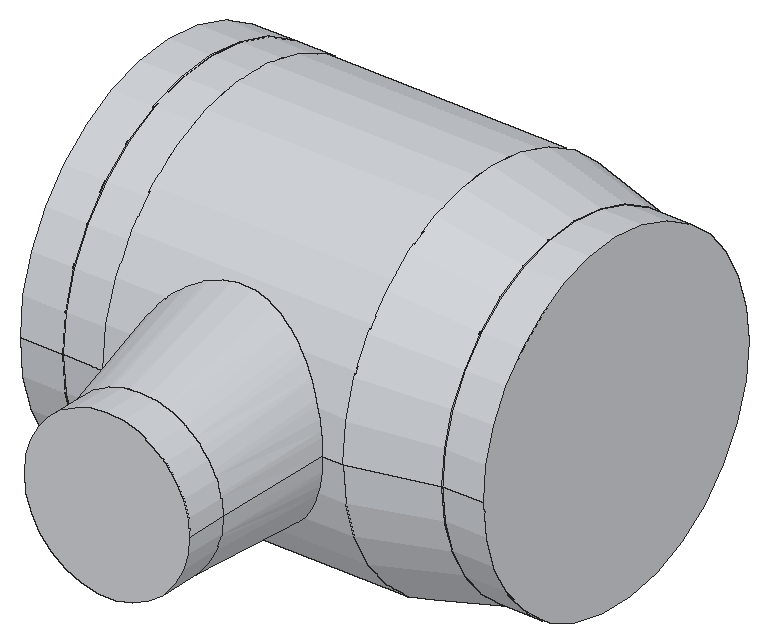
Revit family "M_T chanfrado redondo - DTL", category Conexões de duto, Revit 2019
Family settings
  Cota do conector redondo = Usar raio
  Tipo de parte = Tê
  Número OmniClass = 23.75.70.14
  Título OmniClass = Air Ductwork
  ID de item do Seek = Round Beveled Tee - DTL-0000-CAN-ENU
  Com base no plano de trabalho = Não
  Sempre na vertical = Sim
  Corte com vazios quando carregada = Não
  Compartilhado = Não
Parameters (values of type "Padrão")
  Legenda da inserção da torneira [instance] = 3048 mm + if(Ângulo da torneira 1 < 90.00°, Inserção da torneira 1, if(Ângulo da torneira 1 = 90.00°, Inserção da torneira 2, Inserção da torneira 3))  # 3138 mm
  Inserção da torneira 3 [instance] = if(Ângulo da torneira 1 > 90.00°, (Diâmetro da base da torneira 1 - Raio central da base da torneira) / sin(180.00° - Ângulo da torneira 1) + Raio do corpo 1 / tan(180.00° - Ângulo da torneira 1), 0 mm)  # 0 mm
  Inserção da torneira 2 [instance] = if(Ângulo da torneira 1 = 90.00°, Diâmetro da base da torneira 1 - Raio central da base da torneira, 0 mm)  # 90 mm
  Ângulo 1 [instance] = atan((Diâmetro central da base da torneira - Diâmetro da base da torneira 1) / (Comprimento da torneira 1 - Comprimento da torneira))  # 14.9314°
  Deslocamento de perfil horizontal da torneira [instance] = Raio central da base da torneira - Raio da torneira  # 50 mm
  Inserção da torneira 1 [instance] = if(Ângulo da torneira 1 < 90.00°, Diâmetro central da base da torneira / 2 * sin(Ângulo da torneira 1) + Diâmetro central da base da torneira / 2 * cos(Ângulo da torneira 1) / tan(Ângulo da torneira 1 - Ângulo 1) - Raio do corpo 1 / tan(Ângulo da torneira 1 - Ângulo 1), 0 mm)  # 0 mm
  Comprimento 1 [instance] = if(Ângulo da torneira 1 < 90.00°, Raio central da base da torneira / tan(Ângulo da torneira 1), if(Ângulo da torneira 1 = 90.00°, 0 mm, (Diâmetro da base da torneira - (Comprimento do ponto de inserção * sin(180.00° - Ângulo da torneira 1) + Raio da torneira)) / tan(180.00° - Ângulo da torneira 1)))  # 0 mm
  Comprimento da torneira 3 [instance] = Comprimento do corpo 1 + Inserção da torneira  # 125 mm
  Inserção da torneira [instance] = 25 mm
  Comprimento da torneira 2 [instance] = Comprimento da torneira 1 + Comprimento do colarinho da torneira  # 425 mm
  Diâmetro da torneira 3 [instance] = if(Ângulo da torneira 1 > 90.00°, 2 * (Diâmetro da base da torneira 1 / 2 + (Diâmetro da base da torneira 1 - Diâmetro da torneira) * Raio do corpo 1 / (2 * sin(180.00° - Ângulo da torneira 1) * Comprimento da torneira) + Diâmetro da base da torneira 1 * (Diâmetro da base da torneira 1 - Diâmetro da torneira) / (2 * tan(180.00° - Ângulo da torneira 1) * Comprimento da torneira)) / (1 + (Diâmetro da base da torneira 1 - Diâmetro da torneira) / (2 * tan(180.00° - Ângulo da torneira 1) * Comprimento da torneira)), 0 mm)  # 0 mm
  Diâmetro da torneira 2 [instance] = if(Ângulo da torneira 1 < 90.00°, 2 * (Diâmetro da base da torneira 1 / 2 + (Diâmetro da base da torneira 1 - Diâmetro da torneira) * Raio do corpo 1 / (2 * sin(Ângulo da torneira 1) * Comprimento da torneira)) / (1 - (Diâmetro da base da torneira 1 - Diâmetro da torneira) / (2 * tan(Ângulo da torneira 1) * Comprimento da torneira)), 0 mm)  # 0 mm
  Diâmetro da torneira 1 [instance] = if(Ângulo da torneira 1 = 90.00°, Raio do corpo 1 * tan(atan((Diâmetro da base da torneira 1 - Diâmetro da torneira) / Comprimento da torneira)) + Diâmetro da base da torneira 1, 0 mm)  # 300 mm
  Raio do corpo 1 [instance] = if(Entrada do raio > Saída do raio, if(not(Raio do corpo < Entrada do raio), Raio do corpo, Entrada do raio), if(not(Raio do corpo < Saída do raio), Raio do corpo, Saída do raio))  # 225 mm
  Raio da torneira [instance] = 100 mm
  Saída do raio [instance] = 200 mm
  Entrada do raio [instance] = 225 mm
  Deslocamento da torneira a partir do centro 2 [instance] = if(Deslocamento da torneira a partir do centro = 0 mm, 1 mm, 0 mm)  # 1 mm
  Deslocamento da torneira a partir do centro 1 [instance] = 3048 mm - Deslocamento da torneira a partir do centro  # 3048 mm
  Deslocamento da torneira a partir do centro [instance] = 0 mm
  Comprimento do corpo 2 [instance] = Saída do colarinho + Saída do comprimento 1  # 150 mm
  Saída do comprimento 1 [instance] = if(Saída do comprimento = 0 mm, 2 mm, Saída do comprimento)  # 100 mm
  Comprimento do corpo 1 [instance] = Entrada do colarinho + Entrada do comprimento 1  # 100 mm
  Entrada do comprimento 1 [instance] = if(Entrada do comprimento = 0 mm, 2 mm, Entrada do comprimento)  # 50 mm
  Saída do colarinho [instance] = 50 mm
  Saída do comprimento [instance] = 100 mm
  Entrada do colarinho [instance] = 50 mm
  Entrada do comprimento [instance] = 50 mm
  Comprimento da torneira 1 [instance] = Raio do corpo 1 / sin(Ângulo da torneira 1) + Comprimento da torneira + Comprimento 1  # 375 mm
  Comprimento da torneira [instance] = 150 mm
  Comprimento [instance] = 290 mm
  Diâmetro da torneira [instance] = Raio da torneira * 2  # 200 mm
  Saída do diâmetro [instance] = Saída do raio * 2  # 400 mm
  Entrada do diâmetro [instance] = Entrada do raio * 2  # 450 mm
  Comprimento do ponto de inserção [instance] = if(Ângulo da torneira 1 = 90.00°, Raio central da base da torneira - Raio da torneira, Deslocamento de perfil horizontal da torneira / sin(Ângulo da torneira 1))  # 50 mm
  Comprimento da linha grossa da torneira [instance] = if(Ângulo da torneira 1 = 90.00°, Comprimento da torneira 2, Comprimento da torneira 2 - Deslocamento de perfil horizontal da torneira / tan(Ângulo da torneira 1))  # 425 mm
  Comprimento do colarinho da torneira [instance] = 50 mm
  Raio da base da torneira 1 [instance] = if(Raio da base da torneira > Raio da torneira, Raio da base da torneira, Raio da torneira + 25 mm)  # 120 mm
  Raio do corpo [instance] = 225 mm
  Diâmetro do corpo [instance] = Raio do corpo * 2  # 450 mm
  Raio da base da torneira [instance] = 120 mm
  Diâmetro da base da torneira 1 [instance] = Raio da base da torneira 1 * 2  # 240 mm
  Diâmetro da base da torneira [instance] = Raio da base da torneira * 2  # 240 mm
  Raio central da base da torneira [instance] = Diâmetro central da base da torneira / 2  # 150 mm
  Diâmetro central da base da torneira [instance] = if(Ângulo da torneira 1 < 90.00°, abs(Diâmetro da torneira 2), if(Ângulo da torneira 1 = 90.00°, abs(Diâmetro da torneira 1), abs(Diâmetro da torneira 3)))  # 300 mm
  Ângulo da torneira 1 [instance] = 90.00°
Reference planes
  plane 1 "Centro (Frente/Trás)": y = 0
  plane 2: z = 0
  plane 3 "Centro (Esquerda/Direita)": x = 0
  plane 4: x = -165
  plane 5: x = 125
  plane 6: x = -215
  plane 7: x = -265
  plane 8: x = 225
  plane 9: x = 275
  plane 10: z = -3048
  plane 11: z = 0
  plane 12: z = -1
  plane 13: x = -50
  plane 14: x = -140
  plane 15: x = -3188
  plane 16: x = -214.008
  plane 17: x = 224.008
Forms (mm)
  Sweep 1, solid, detail levels medium+fine
    path in 3D
      loop
        line (-265, 0, 0) -> (-214.008, 0, 0)
    profile origin (-239.504, 0, 0) x (0, 1, 0) y (0, 0, 1)
      loop
        circle (0, 0) r 225
  Sweep 2, solid, detail levels medium+fine
    path in 3D
      loop
        line (-165, 0, 0) -> (125, 0, 0)
    profile origin (-20, 0, 0) x (0, 1, 0) y (0, 0, 1)
      loop
        circle (0, 0) r 225
  Sweep 3, solid, detail levels medium+fine
    path in 3D
      loop
        line (224.008, 0, 0) -> (275, 0, 0)
    profile origin (249.504, 0, 0) x (0, 1, 0) y (0, 0, 1)
      loop
        circle (0, 0) r 200
  SweptBlend 4, solid, detail levels medium+fine
    path in 3D
      loop
        line (-50, 0, 0) -> (-50, -375, 0)
    profile "M_Duto - Redondo : Duto - Raio do centro da base" origin (-50, 0, 0) x (1, 0, 0) y (0, 0, 1)
      loop
        circle (0, 0) r 150
    end profile "M_Duto - Redondo : Duto - Redondo" origin (-50, -375, 0) x (1, 0, 0) y (0, 0, 1)
      loop
        circle (50, 0) r 100
  Sweep 5, solid, detail levels medium+fine
    path in 3D
      loop
        line (-50, 0, 0) -> (-50, -425, 0)
    profile "M_Duto - Redondo : Duto - Redondo" origin (-50, -212.5, 0) x (1, 0, 0) y (0, 0, 1)
      loop
        circle (50, 0) r 100
  Blend 6, solid, detail levels medium+fine
    base sketch origin (0, 0, 0) x (0, 1, 0) y (0, 0, 1)
      loop
        circle (0, 0) r 225
    top sketch origin (0, 0, 0) x (0, 1, 0) y (0, 0, 1)
      loop
        circle (0, 0) r 225
    from -215 to -165
  Blend 7, solid, detail levels medium+fine
    base sketch origin (0, 0, 0) x (0, 1, 0) y (0, 0, 1)
      loop
        circle (0, 0) r 200
    top sketch origin (0, 0, 0) x (0, 1, 0) y (0, 0, 1)
      loop
        circle (0, 0) r 225
    from 225 to 125
Cuts and joins
  joined: Sweep 2, SweptBlend 4, Sweep 5, Blend 6, Blend 7
Lines and regions (mm)
  reference lines
    curve 1: line (-265, 0, 0) -> (-214.008, 0, 0)
    curve 2: line (224.008, 0, 0) -> (275, 0, 0)
    curve 3: line (-165, 0, 0) -> (125, 0, 0)
    curve 8: line (-50, 0, 0) -> (-50, -375, 0)
    curve 10: line (-50, 0, 0) -> (-50, -425, 0)
  sketch lines
    curve 4: line (-265, 0, 0) -> (-214.008, 0, 0)
    curve 5: line (-165, 0, 0) -> (125, 0, 0)
    curve 6: line (224.008, 0, 0) -> (275, 0, 0)
    curve 9: line (-50, 0, 0) -> (-50, -375, 0)
    curve 11: line (-50, 0, 0) -> (-50, -425, 0)
  model lines, detail levels coarse
    curve 7: line (0, 0, 0) -> (0, 0, -1)
    curve 12: line (0, 0, 0) -> (0, -425, 0)
    curve 13: line (-265, 0, 0) -> (275, 0, 0)
Dimensions and locks
  "Comprimento": plane 4 to plane 5
  "Entrada do comprimento 1": plane 6 to plane 4
  "Comprimento do corpo 1": plane 7 to plane 4
  "Saída do comprimento 1": plane 5 to plane 8
  "Comprimento do corpo 2": plane 5 to plane 9
  locked: plane 2 to plane 10 at 3048
  "Deslocamento da torneira a partir do centro 1": plane 11 to plane 10
  "Deslocamento da torneira a partir do centro 2": plane 11 to plane 12
  "Comprimento da torneira 1": curve 8 to curve 8
  "Comprimento da torneira 3": plane 7 to plane 14
  locked: plane 15 to plane 14 at 3048
  "Legenda da inserção da torneira": plane 15 to plane 13
  "Comprimento da torneira 2": curve 10 to curve 10
  "Comprimento do ponto de inserção": plane 13 to plane 3 "Centro (Esquerda/Direita)"
  "Comprimento da linha grossa da torneira": curve 12 to curve 12
  locked: plane 6 to plane 16 at 0.992
  locked: plane 17 to plane 8 at 0.992
  "Entrada do raio": radius of Sweep 1 sketch curve
  "Raio do corpo 1": radius of Sweep 2 sketch curve
  "Saída do raio": radius of Sweep 3 sketch curve
  "Entrada do raio": radius of Blend 6 sketch curve
  "Raio do corpo 1": radius of Blend 6 sketch curve
  "Saída do raio": radius of Blend 7 sketch curve
  "Raio do corpo 1": radius of Blend 7 sketch curve
  "Ângulo da torneira 1": angle curve 8 to plane 1 "Centro (Frente/Trás)"
  "Ângulo da torneira 1": angle curve 10 to plane 1 "Centro (Frente/Trás)"
  "Ângulo da torneira 1": angle curve 12 to plane 1 "Centro (Frente/Trás)"
  aligned and locked: plane 7 to curve 1
  aligned and locked: plane 1 "Centro (Frente/Trás)" to curve 1
  aligned and locked: plane 9 to curve 2
  aligned and locked: plane 1 "Centro (Frente/Trás)" to curve 2
  aligned and locked: plane 5 to curve 3
  aligned and locked: plane 1 "Centro (Frente/Trás)" to curve 3
  aligned and locked: plane 2 to curve 7
  aligned and locked: plane 12 to curve 7
  aligned and locked: curve 7 to plane 1 "Centro (Frente/Trás)"
  aligned and locked: plane 1 "Centro (Frente/Trás)" to curve 8
  aligned and locked: plane 13 to curve 10
  aligned and locked: plane 1 "Centro (Frente/Trás)" to curve 12
  aligned and locked: plane 3 "Centro (Esquerda/Direita)" to curve 12
  aligned and locked: plane 9 to curve 13
  aligned and locked: plane 7 to curve 13
  aligned and locked: plane 1 "Centro (Frente/Trás)" to curve 13
  aligned and locked: Blend 6 to plane 6
  aligned and locked: plane 4 to Blend 6
  aligned and locked: plane 5 to Blend 7
  aligned and locked: plane 8 to Blend 7
  aligned and locked: plane 17 to curve 2
  aligned and locked: plane 16 to curve 1
Automatic sketch dimensions
  Sweep 1 sketch curve to profile plane = 0 mm  (x2)
  Sweep 2 sketch curve to profile plane = 0 mm  (x2)
  Sweep 3 sketch curve to profile plane = 0 mm  (x2)
  Blend 6 sketch curve to level = 0 mm  (x2)
  Blend 6 sketch curve to plane 1 "Centro (Frente/Trás)" = 0 mm  (x2)
  Blend 7 sketch curve to level = 0 mm  (x2)
  Blend 7 sketch curve to plane 1 "Centro (Frente/Trás)" = 0 mm  (x2)
  curve 3 to plane 4 = 0 mm
Connectors
  hvac at (-265, 0, 0), driven by "Entrada do raio"
    settings: on Sweep 1, index 1, duct flow 0.0 L/s, flow factor 0, pres drop 0.0 Pa, loss coef 0, conn angle 0.00°, conn width 304.8 mm, conn height 304.8 mm, conn diameter 450 mm, duct sys type 28, conn prof type 0, flow config 0, flow direction 0, loss method 0, conn ref index 2, conn util no, is conn primary yes, conn desc ""
  hvac at (275, 0, 0), driven by "Saída do raio"
    settings: on Sweep 3, index 2, duct flow 0.0 L/s, flow factor 0, pres drop 0.0 Pa, loss coef 0, conn angle 0.00°, conn width 304.8 mm, conn height 304.8 mm, conn diameter 400 mm, duct sys type 28, conn prof type 0, flow config 0, flow direction 0, loss method 0, conn ref index 1, conn util no, is conn primary no, conn desc ""
  hvac at (0, -425, 0), driven by "Raio da torneira", driven by "Ângulo da torneira 1"
    settings: on Sweep 5, index 3, duct flow 0.0 L/s, flow factor 0, pres drop 0.0 Pa, loss coef 0, conn angle 90.00°, conn width 304.8 mm, conn height 304.8 mm, conn diameter 200 mm, duct sys type 28, conn prof type 0, flow config 0, flow direction 0, loss method 0, conn ref index -1, conn util no, is conn primary no, conn desc ""
